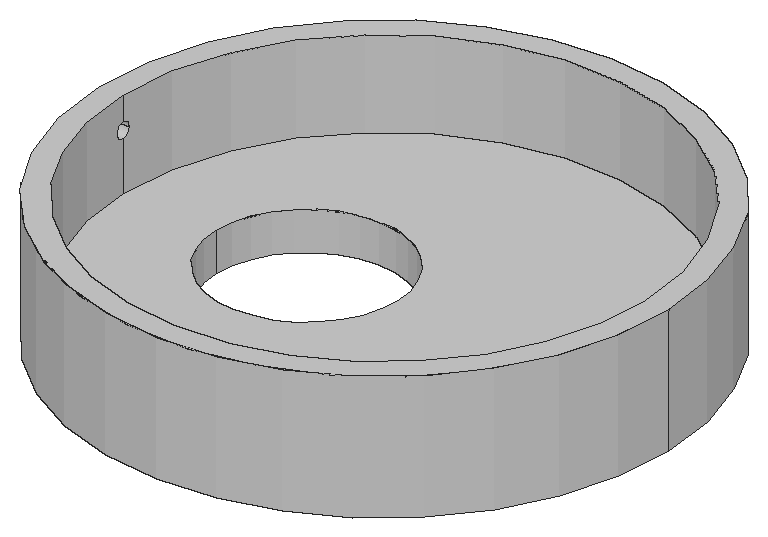
Revit family "KSP 20.5", category Фундамент несущей конструкции, Revit 2025
Family settings
  Материал для поведения модели = Прочее
  Заглушка = Нет
  Номер OmniClass = 23.25.05.00
  Заголовок OmniClass = Foundations
  На основе рабочей плоскости = Нет
  Всегда вертикально = Да
  При загрузке вырезать с полостями = Нет
  Общий = Нет
  Показывать семейство разрезанным на планах = Да
Parameters
  Петля = Петля_П1_П2 : П2
Reference planes
  plane 1 "По центру (Вперед/Назад)": y = -35
  plane 2: z = 0
  plane 3 "По центру (Влево/Вправо)": x = 0
  plane 4: z = 490
  plane 5: x = -1100
  plane 6: x = 1100
  plane 7: x = -1090
  plane 8: x = -1010
  plane 9: x = 1090
  plane 10: x = 1010
  plane 11: z = 370
  plane 12: x = -650
  plane 13: x = 50
  plane 14: x = -300
Forms (mm)
  Extrusion 1, solid, material "Бетон В15"
    sketch origin (0, 0, 0) x (1, 0, 0) y (0, 1, 0)
      loop
        circle (0, -35) r 1100
      loop
        circle (0, -35) r 1010
    from 0 to 490
  Extrusion 2, void
    sketch origin (0, 0, 0) x (0, 1, 0) y (0, 0, 1)
      loop
        circle (-35, 370) r 30
    from -1090 to 1090
  Extrusion 3, solid, material "Бетон В15"
    sketch origin (0, 0, 0) x (1, 0, 0) y (0, 1, 0)
      loop
        circle (0, -35) r 1010
      loop
        circle (-300, -35) r 350
    from 0 to 150
Cuts and joins
  Extrusion 2 cuts Extrusion 1
  joined: Extrusion 1, Extrusion 3
Dimensions and locks
  plane 4 to level = 490 mm
  plane 11 to level = 370 mm
  aligned and locked: plane 2 to level
